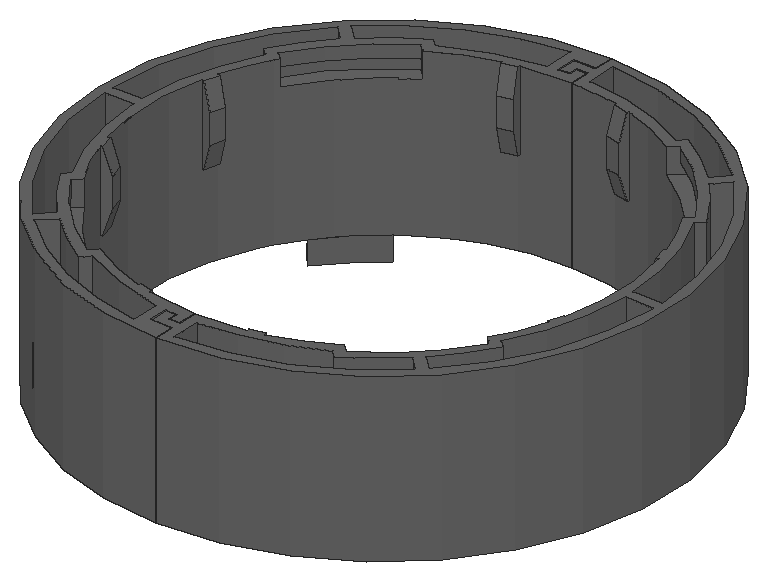
Revit family "STL23493", category Modelos genéricos, Revit 2023
Family settings
  Pode hospedar o vergalhão = Não
  Cota do conector redondo = Utilizar diâmetro
  Tipo de parte = Normal
  Com base no plano de trabalho = Não
  Sempre na vertical = Sim
  Corte com vazios quando carregada = Não
  Manter orientação da anotação = Não
  Compartilhado = Não
  Ponto de cálculo do ambiente = Não
Parameters (values of type "STL23493")
  URL = "https://stella.com.br/"
  Referência = "STL23493"
  Modelo = "Anel de Elevação para Embutido S.Ground 11,5W\r\n\r\nAnel de elevação para Embutido S.Ground 3W e 4W\r\n\r\nAnel de Elevação para Embutido S.Ground 3W e 4W"
  Fabricante = "Stella"
  Estrutura = Al - Preto
  Elevação padrão = 0.00 m
  Diâmetro = 0.086 m
  Comentários de tipos = "Compatível com Embutido Ground 11,5W."
  Altura = 0.025 m
Reference planes (m)
  plane 1 "Centro (Frente/Trás)": y = 0
  plane 2: z = 0
  plane 3 "Centro (Esquerda/Direita)": x = 0
  plane 4: y = 0.043
  plane 5: y = -0.043
  plane 6: x = 0.043
  plane 7: x = -0.043
  plane 8: z = 0.025
Forms (m)
  Extrusion 1, solid, material "Al - Preto" <- "Estrutura"
    sketch origin (0, 0, 0) x (1, 0, 0) y (0, 1, 0)
      loop
        arc (0, 0.043) -> (-0.043, 0) -> (0, -0.043) r 0.043
        line (0, -0.043) -> (0, -0.04)
        arc (0, -0.04) -> (-0.001601, -0.039968) -> (-0.0032, -0.039872) r 0.04
        line (-0.0032, -0.039872) -> (-0.0032, -0.036962)
        arc (-0.0032, -0.036962) -> (-0.002351, -0.037025) -> (-0.0015, -0.03707) r 0.0371
        line (-0.0015, -0.03707) -> (-0.0015, -0.038371)
        arc (-0.0015, -0.038371) -> (-0.00075, -0.038393) -> (0, -0.0384) r 0.0384
        line (0, -0.0384) -> (0, -0.0356)
        arc (0, -0.0356) -> (-0.0356, 0) -> (0, 0.0356) r 0.0356
        line (0, 0.0356) -> (0, 0.0384)
        arc (0, 0.0384) -> (-0.00075, 0.038393) -> (-0.0015, 0.038371) r 0.0384
        line (-0.0015, 0.038371) -> (-0.0015, 0.03707)
        arc (-0.0015, 0.03707) -> (-0.002351, 0.037025) -> (-0.0032, 0.036962) r 0.0371
        line (-0.0032, 0.036962) -> (-0.0032, 0.039872)
        arc (-0.0032, 0.039872) -> (-0.001601, 0.039968) -> (0, 0.04) r 0.04
        line (0, 0.04) -> (0, 0.043)
    from 0 to 0.025
  Extrusion 2, solid, material "Al - Preto" <- "Estrutura"
    sketch origin (0, 0, 0) x (1, 0, 0) y (0, 1, 0)
      loop
        arc (0, 0.0399) -> (-0.001501, 0.039872) -> (-0.003, 0.039787) r 0.0399
        line (-0.003, 0.039787) -> (-0.003, 0.037079)
        arc (-0.003, 0.037079) -> (-0.0023, 0.037129) -> (-0.0016, 0.037166) r 0.0372
        line (-0.0016, 0.037166) -> (-0.0016, 0.038467)
        arc (-0.0016, 0.038467) -> (-0.0008, 0.038492) -> (0, 0.0385) r 0.0385
        line (0, 0.0385) -> (0, 0.0356)
        arc (0, 0.0356) -> (0.0356, 0) -> (0, -0.0356) r 0.0356
        line (0, -0.0356) -> (0, -0.0385)
        arc (0, -0.0385) -> (-0.0008, -0.038492) -> (-0.0016, -0.038467) r 0.0385
        line (-0.0016, -0.038467) -> (-0.0016, -0.037166)
        arc (-0.0016, -0.037166) -> (-0.0023, -0.037129) -> (-0.003, -0.037079) r 0.0372
        line (-0.003, -0.037079) -> (-0.003, -0.039787)
        arc (-0.003, -0.039787) -> (-0.001501, -0.039872) -> (0, -0.0399) r 0.0399
        line (0, -0.0399) -> (0, -0.043)
        arc (0, -0.043) -> (0.043, 0) -> (0, 0.043) r 0.043
        line (0, 0.043) -> (0, 0.0399)
    from 0 to 0.025
  Extrusion 3, void
    sketch origin (0, 0, 0) x (1, 0, 0) y (0, 1, 0)
      loop
        arc (-0.0047, 0.041233) -> (-0.017692, 0.03754) -> (-0.02881, 0.02987) r 0.0415
        line (-0.02881, 0.02987) -> (-0.026688, 0.027749)
        arc (-0.026688, 0.027749) -> (-0.023124, 0.030782) -> (-0.019218, 0.03336) r 0.0385
        line (-0.019218, 0.03336) -> (-0.018192, 0.032334)
        arc (-0.018192, 0.032334) -> (-0.011662, 0.03522) -> (-0.0047, 0.036801) r 0.0371
        line (-0.0047, 0.036801) -> (-0.0047, 0.041233)
      loop
        line (-0.041493, 0.00075) -> (-0.037092, 0.00075)
        arc (-0.037092, 0.00075) -> (-0.035792, 0.009765) -> (-0.032334, 0.018192) r 0.0371
        line (-0.032334, 0.018192) -> (-0.03336, 0.019218)
        arc (-0.03336, 0.019218) -> (-0.030782, 0.023124) -> (-0.027749, 0.026688) r 0.0385
        line (-0.027749, 0.026688) -> (-0.02987, 0.02881)
        arc (-0.02987, 0.02881) -> (-0.038341, 0.015881) -> (-0.041493, 0.00075) r 0.0415
      loop
        line (0.0015, 0.041473) -> (0.0015, 0.03707)
        arc (0.0015, 0.03707) -> (0.010127, 0.035691) -> (0.018192, 0.032334) r 0.0371
        line (0.018192, 0.032334) -> (0.019218, 0.03336)
        arc (0.019218, 0.03336) -> (0.023124, 0.030782) -> (0.026688, 0.027749) r 0.0385
        line (0.026688, 0.027749) -> (0.02881, 0.02987)
        arc (0.02881, 0.02987) -> (0.016227, 0.038196) -> (0.0015, 0.041473) r 0.0415
      loop
        line (0.03336, 0.019218) -> (0.032334, 0.018192)
        arc (0.032334, 0.018192) -> (0.035792, 0.009765) -> (0.037092, 0.00075) r 0.0371
        line (0.037092, 0.00075) -> (0.041493, 0.00075)
        arc (0.041493, 0.00075) -> (0.038341, 0.015881) -> (0.02987, 0.02881) r 0.0415
        line (0.02987, 0.02881) -> (0.027749, 0.026688)
        arc (0.027749, 0.026688) -> (0.030782, 0.023124) -> (0.03336, 0.019218) r 0.0385
      loop
        line (0.032334, -0.018192) -> (0.03336, -0.019218)
        arc (0.03336, -0.019218) -> (0.030782, -0.023124) -> (0.027749, -0.026688) r 0.0385
        line (0.027749, -0.026688) -> (0.02987, -0.02881)
        arc (0.02987, -0.02881) -> (0.038341, -0.015881) -> (0.041493, -0.00075) r 0.0415
        line (0.041493, -0.00075) -> (0.037092, -0.00075)
        arc (0.037092, -0.00075) -> (0.035792, -0.009765) -> (0.032334, -0.018192) r 0.0371
      loop
        arc (0.0015, -0.041473) -> (0.016227, -0.038196) -> (0.02881, -0.02987) r 0.0415
        line (0.02881, -0.02987) -> (0.026688, -0.027749)
        arc (0.026688, -0.027749) -> (0.023124, -0.030782) -> (0.019218, -0.03336) r 0.0385
        line (0.019218, -0.03336) -> (0.018192, -0.032334)
        arc (0.018192, -0.032334) -> (0.010127, -0.035691) -> (0.0015, -0.03707) r 0.0371
        line (0.0015, -0.03707) -> (0.0015, -0.041473)
      loop
        arc (-0.0047, -0.036801) -> (-0.011662, -0.03522) -> (-0.018192, -0.032334) r 0.0371
        line (-0.018192, -0.032334) -> (-0.019218, -0.03336)
        arc (-0.019218, -0.03336) -> (-0.023124, -0.030782) -> (-0.026688, -0.027749) r 0.0385
        line (-0.026688, -0.027749) -> (-0.02881, -0.02987)
        arc (-0.02881, -0.02987) -> (-0.017692, -0.03754) -> (-0.0047, -0.041233) r 0.0415
        line (-0.0047, -0.041233) -> (-0.0047, -0.036801)
      loop
        line (-0.02987, -0.02881) -> (-0.027749, -0.026688)
        arc (-0.027749, -0.026688) -> (-0.030782, -0.023124) -> (-0.03336, -0.019218) r 0.0385
        line (-0.03336, -0.019218) -> (-0.032334, -0.018192)
        arc (-0.032334, -0.018192) -> (-0.035792, -0.009765) -> (-0.037092, -0.00075) r 0.0371
        line (-0.037092, -0.00075) -> (-0.041493, -0.00075)
        arc (-0.041493, -0.00075) -> (-0.038341, -0.015881) -> (-0.02987, -0.02881) r 0.0415
    from 0.0015 to 0.025
  Extrusion 4, void
    sketch origin (0, 0, 0) x (1, 0, 0) y (0, 1, 0)
      loop
        line (-0.009031, 0.037426) -> (-0.009383, 0.038884)
        arc (-0.009383, 0.038884) -> (-0.013113, 0.037789) -> (-0.01672, 0.036338) r 0.04
        line (-0.01672, 0.036338) -> (-0.016093, 0.034975)
        arc (-0.016093, 0.034975) -> (-0.012622, 0.036372) -> (-0.009031, 0.037426) r 0.0385
      loop
        line (0.016093, 0.034975) -> (0.01672, 0.036338)
        arc (0.01672, 0.036338) -> (0.013113, 0.037789) -> (0.009383, 0.038884) r 0.04
        line (0.009383, 0.038884) -> (0.009031, 0.037426)
        arc (0.009031, 0.037426) -> (0.012622, 0.036372) -> (0.016093, 0.034975) r 0.0385
      loop
        line (0.03788, 0.006879) -> (0.039356, 0.007147)
        arc (0.039356, 0.007147) -> (0.038477, 0.010933) -> (0.037234, 0.014617) r 0.04
        line (0.037234, 0.014617) -> (0.035838, 0.014069)
        arc (0.035838, 0.014069) -> (0.037034, 0.010523) -> (0.03788, 0.006879) r 0.0385
      loop
        line (0.035838, -0.014069) -> (0.037234, -0.014617)
        arc (0.037234, -0.014617) -> (0.038477, -0.010933) -> (0.039356, -0.007147) r 0.04
        line (0.039356, -0.007147) -> (0.03788, -0.006879)
        arc (0.03788, -0.006879) -> (0.037034, -0.010523) -> (0.035838, -0.014069) r 0.0385
      loop
        arc (0.009383, -0.038884) -> (0.013113, -0.037789) -> (0.01672, -0.036338) r 0.04
        line (0.01672, -0.036338) -> (0.016093, -0.034975)
        arc (0.016093, -0.034975) -> (0.012622, -0.036372) -> (0.009031, -0.037426) r 0.0385
        line (0.009031, -0.037426) -> (0.009383, -0.038884)
      loop
        arc (-0.009031, -0.037426) -> (-0.012622, -0.036372) -> (-0.016093, -0.034975) r 0.0385
        line (-0.016093, -0.034975) -> (-0.01672, -0.036338)
        arc (-0.01672, -0.036338) -> (-0.013113, -0.037789) -> (-0.009383, -0.038884) r 0.04
        line (-0.009383, -0.038884) -> (-0.009031, -0.037426)
      loop
        arc (-0.039356, -0.007147) -> (-0.038477, -0.010933) -> (-0.037234, -0.014617) r 0.04
        line (-0.037234, -0.014617) -> (-0.035838, -0.014069)
        arc (-0.035838, -0.014069) -> (-0.037034, -0.010523) -> (-0.03788, -0.006879) r 0.0385
        line (-0.03788, -0.006879) -> (-0.039356, -0.007147)
      loop
        arc (-0.03788, 0.006879) -> (-0.037034, 0.010523) -> (-0.035838, 0.014069) r 0.0385
        line (-0.035838, 0.014069) -> (-0.037234, 0.014617)
        arc (-0.037234, 0.014617) -> (-0.038477, 0.010933) -> (-0.039356, 0.007147) r 0.04
        line (-0.039356, 0.007147) -> (-0.03788, 0.006879)
    from 0 to 0.0015
  Extrusion 5, void
    sketch origin (0, 0, 0) x (1, 0, 0) y (0, 1, 0)
      loop
        arc (-0.030455, 0.018435) -> (-0.025173, 0.025173) -> (-0.018435, 0.030455) r 0.0356
        line (-0.018435, 0.030455) -> (-0.020106, 0.032127)
        arc (-0.020106, 0.032127) -> (-0.026799, 0.026799) -> (-0.032127, 0.020106) r 0.0379
        line (-0.032127, 0.020106) -> (-0.030455, 0.018435)
      loop
        line (0.030455, 0.018435) -> (0.032127, 0.020106)
        arc (0.032127, 0.020106) -> (0.026799, 0.026799) -> (0.020106, 0.032127) r 0.0379
        line (0.020106, 0.032127) -> (0.018435, 0.030455)
        arc (0.018435, 0.030455) -> (0.025173, 0.025173) -> (0.030455, 0.018435) r 0.0356
      loop
        arc (0.030455, -0.018435) -> (0.025173, -0.025173) -> (0.018435, -0.030455) r 0.0356
        line (0.018435, -0.030455) -> (0.020106, -0.032127)
        arc (0.020106, -0.032127) -> (0.026799, -0.026799) -> (0.032127, -0.020106) r 0.0379
        line (0.032127, -0.020106) -> (0.030455, -0.018435)
      loop
        line (-0.030455, -0.018435) -> (-0.032127, -0.020106)
        arc (-0.032127, -0.020106) -> (-0.026799, -0.026799) -> (-0.020106, -0.032127) r 0.0379
        line (-0.020106, -0.032127) -> (-0.018435, -0.030455)
        arc (-0.018435, -0.030455) -> (-0.025173, -0.025173) -> (-0.030455, -0.018435) r 0.0356
    from 0.0212 to 0.0231
  Extrusion 6, void
    sketch origin (0, 0, 0) x (1, 0, 0) y (0, 1, 0)
      loop
        line (-0.031546, 0.019525) -> (-0.030455, 0.018435)
        arc (-0.030455, 0.018435) -> (-0.025173, 0.025173) -> (-0.018435, 0.030455) r 0.0356
        line (-0.018435, 0.030455) -> (-0.019525, 0.031546)
        arc (-0.019525, 0.031546) -> (-0.026234, 0.026234) -> (-0.031546, 0.019525) r 0.0371
      loop
        arc (0.031546, 0.019525) -> (0.026234, 0.026234) -> (0.019525, 0.031546) r 0.0371
        line (0.019525, 0.031546) -> (0.018435, 0.030455)
        arc (0.018435, 0.030455) -> (0.025173, 0.025173) -> (0.030455, 0.018435) r 0.0356
        line (0.030455, 0.018435) -> (0.031546, 0.019525)
      loop
        line (0.031546, -0.019525) -> (0.030455, -0.018435)
        arc (0.030455, -0.018435) -> (0.025173, -0.025173) -> (0.018435, -0.030455) r 0.0356
        line (0.018435, -0.030455) -> (0.019525, -0.031546)
        arc (0.019525, -0.031546) -> (0.026234, -0.026234) -> (0.031546, -0.019525) r 0.0371
      loop
        arc (-0.031546, -0.019525) -> (-0.026234, -0.026234) -> (-0.019525, -0.031546) r 0.0371
        line (-0.019525, -0.031546) -> (-0.018435, -0.030455)
        arc (-0.018435, -0.030455) -> (-0.025173, -0.025173) -> (-0.030455, -0.018435) r 0.0356
        line (-0.030455, -0.018435) -> (-0.031546, -0.019525)
    from 0.0231 to 0.025
  Extrusion 7, solid, material "Al - Preto" <- "Estrutura"
    sketch origin (0, 0, 0) x (1, 0, 0) y (0, 1, 0)
      loop
        arc (-0.028459, 0.021388) -> (-0.025173, 0.025173) -> (-0.021388, 0.028459) r 0.0356
        line (-0.021388, 0.028459) -> (-0.022744, 0.029815)
        arc (-0.022744, 0.029815) -> (-0.026517, 0.026517) -> (-0.029815, 0.022744) r 0.0375
        line (-0.029815, 0.022744) -> (-0.028459, 0.021388)
    from -0.0036 to 0
  Revolve 8, void
    sketch origin (0, 0, 0) x (1, 0, 0) y (0, 0, 1)
      loop
        line (-0.0375, -0.0021) -> (-0.038777, -0.0021) -> (-0.038777, -0.004979) -> (-0.035822, -0.004979) -> (-0.035822, -0.0036) -> (-0.0375, -0.0021)
      axis (0, -0.0021) -> (0, -0.004979)
    angle from 36 to 54
  Revolve 9, void
    sketch origin (0, 0, 0) x (1, 0, 0) y (0, 0, 1)
      loop
        line (-0.0365, 0) -> (-0.0375, 0) -> (-0.0375, -0.001693) -> (-0.0365, -0.001693) -> (-0.0365, 0)
      axis (0, 0) -> (0, -0.001693)
    angle from 36 to 54
  Extrusion 10, solid, material "Al - Preto" <- "Estrutura"
    sketch origin (0, 0, 0) x (-1, 0, 0) y (0, -1, 0)
      loop
        line (-0.028459, -0.021388) -> (-0.029815, -0.022744)
        arc (-0.029815, -0.022744) -> (-0.026517, -0.026517) -> (-0.022744, -0.029815) r 0.0375
        line (-0.022744, -0.029815) -> (-0.021388, -0.028459)
        arc (-0.021388, -0.028459) -> (-0.025173, -0.025173) -> (-0.028459, -0.021388) r 0.0356
    from -0.0036 to 0
  Revolve 11, void
    sketch origin (0, 0, 0) x (-1, 0, 0) y (0, 0, -1)
      loop
        line (-0.0375, 0.0021) -> (-0.035822, 0.0036) -> (-0.035822, 0.004979) -> (-0.038777, 0.004979) -> (-0.038777, 0.0021) -> (-0.0375, 0.0021)
      axis (0, 0.0021) -> (0, 0.004979)
    angle from 36 to 54
  Revolve 12, void
    sketch origin (0, 0, 0) x (-1, 0, 0) y (0, 0, -1)
      loop
        line (-0.0365, 0) -> (-0.0365, 0.001693) -> (-0.0375, 0.001693) -> (-0.0375, 0) -> (-0.0365, 0)
      axis (0, 0) -> (0, 0.001693)
    angle from 36 to 54
  Extrusion 13, solid, material "Al - Preto" <- "Estrutura"
    sketch origin (0, 0, 0) x (-1, 0, 0) y (0, -1, 0)
      loop
        arc (-0.028459, 0.021388) -> (-0.025173, 0.025173) -> (-0.021388, 0.028459) r 0.0356
        line (-0.021388, 0.028459) -> (-0.022744, 0.029815)
        arc (-0.022744, 0.029815) -> (-0.026517, 0.026517) -> (-0.029815, 0.022744) r 0.0375
        line (-0.029815, 0.022744) -> (-0.028459, 0.021388)
    from -0.0036 to 0
  Revolve 14, void
    sketch origin (0, 0, 0) x (-1, 0, 0) y (0, 0, 1)
      loop
        line (-0.0375, -0.0021) -> (-0.038777, -0.0021) -> (-0.038777, -0.004979) -> (-0.035822, -0.004979) -> (-0.035822, -0.0036) -> (-0.0375, -0.0021)
      axis (0, -0.0021) -> (0, -0.004979)
    angle from 36 to 54
  Revolve 15, void
    sketch origin (0, 0, 0) x (-1, 0, 0) y (0, 0, 1)
      loop
        line (-0.0365, 0) -> (-0.0375, 0) -> (-0.0375, -0.001693) -> (-0.0365, -0.001693) -> (-0.0365, 0)
      axis (0, 0) -> (0, -0.001693)
    angle from 36 to 54
  Extrusion 16, solid, material "Al - Preto" <- "Estrutura"
    sketch origin (0, 0, 0) x (1, 0, 0) y (0, 1, 0)
      loop
        line (-0.028459, -0.021388) -> (-0.029815, -0.022744)
        arc (-0.029815, -0.022744) -> (-0.026517, -0.026517) -> (-0.022744, -0.029815) r 0.0375
        line (-0.022744, -0.029815) -> (-0.021388, -0.028459)
        arc (-0.021388, -0.028459) -> (-0.025173, -0.025173) -> (-0.028459, -0.021388) r 0.0356
    from -0.0036 to 0
  Revolve 17, void
    sketch origin (0, 0, 0) x (1, 0, 0) y (0, 0, -1)
      loop
        line (-0.0375, 0.0021) -> (-0.035822, 0.0036) -> (-0.035822, 0.004979) -> (-0.038777, 0.004979) -> (-0.038777, 0.0021) -> (-0.0375, 0.0021)
      axis (0, 0.0021) -> (0, 0.004979)
    angle from 36 to 54
  Revolve 18, void
    sketch origin (0, 0, 0) x (1, 0, 0) y (0, 0, -1)
      loop
        line (-0.0365, 0) -> (-0.0365, 0.001693) -> (-0.0375, 0.001693) -> (-0.0375, 0) -> (-0.0365, 0)
      axis (0, 0) -> (0, 0.001693)
    angle from 36 to 54
  Revolve 19, solid, material "Al - Preto" <- "Estrutura"
    sketch origin (0, 0, 0) x (1, 0, 0) y (0, 0, 1)
      loop
        line (-0.0341, 0.0168) -> (-0.0341, 0.0212) -> (-0.035265, 0.025) -> (-0.036065, 0.025) -> (-0.036065, 0.013) -> (-0.035265, 0.013) -> (-0.0341, 0.0168)
      axis (0, 0.025) -> (0, 0.013)
    angle from 74.38 to 78.102
  Revolve 20, solid, material "Al - Preto" <- "Estrutura"
    sketch origin (0, 0, 0) x (-1, 0, 0) y (0, 0, -1)
      loop
        line (-0.0341, -0.0168) -> (-0.035265, -0.013) -> (-0.036065, -0.013) -> (-0.036065, -0.025) -> (-0.035265, -0.025) -> (-0.0341, -0.0212) -> (-0.0341, -0.0168)
      axis (0, -0.025) -> (0, -0.013)
    angle from 74.38 to 78.102
  Revolve 21, solid, material "Al - Preto" <- "Estrutura"
    sketch origin (0, 0, 0) x (1, 0, 0) y (0, 0, -1)
      loop
        line (-0.0341, -0.0168) -> (-0.035265, -0.013) -> (-0.036065, -0.013) -> (-0.036065, -0.025) -> (-0.035265, -0.025) -> (-0.0341, -0.0212) -> (-0.0341, -0.0168)
      axis (0, -0.025) -> (0, -0.013)
    angle from 74.38 to 78.102
  Revolve 22, solid, material "Al - Preto" <- "Estrutura"
    sketch origin (0, 0, 0) x (-1, 0, 0) y (0, 0, 1)
      loop
        line (-0.0341, 0.0168) -> (-0.0341, 0.0212) -> (-0.035265, 0.025) -> (-0.036065, 0.025) -> (-0.036065, 0.013) -> (-0.035265, 0.013) -> (-0.0341, 0.0168)
      axis (0, 0.025) -> (0, 0.013)
    angle from 74.38 to 78.102
  Revolve 23, solid, material "Al - Preto" <- "Estrutura"
    sketch origin (0, 0, 0) x (0.5, 0.866025, 0) y (0, 0, 1)
      loop
        line (-0.0341, 0.0168) -> (-0.0341, 0.0212) -> (-0.035265, 0.025) -> (-0.036065, 0.025) -> (-0.036065, 0.013) -> (-0.035265, 0.013) -> (-0.0341, 0.0168)
      axis (0, 0.025) -> (0, 0.013)
    angle from 74.38 to 78.102
  Revolve 24, solid, material "Al - Preto" <- "Estrutura"
    sketch origin (0, 0, 0) x (0.5, -0.866025, 0) y (0, 0, -1)
      loop
        line (-0.0341, -0.0168) -> (-0.035265, -0.013) -> (-0.036065, -0.013) -> (-0.036065, -0.025) -> (-0.035265, -0.025) -> (-0.0341, -0.0212) -> (-0.0341, -0.0168)
      axis (0, -0.025) -> (0, -0.013)
    angle from 74.38 to 78.102
  Revolve 25, solid, material "Al - Preto" <- "Estrutura"
    sketch origin (0, 0, 0) x (-0.5, 0.866025, 0) y (0, 0, -1)
      loop
        line (-0.0341, -0.0168) -> (-0.035265, -0.013) -> (-0.036065, -0.013) -> (-0.036065, -0.025) -> (-0.035265, -0.025) -> (-0.0341, -0.0212) -> (-0.0341, -0.0168)
      axis (0, -0.025) -> (0, -0.013)
    angle from 74.38 to 78.102
  Revolve 26, solid, material "Al - Preto" <- "Estrutura"
    sketch origin (0, 0, 0) x (-0.5, -0.866025, 0) y (0, 0, 1)
      loop
        line (-0.0341, 0.0168) -> (-0.0341, 0.0212) -> (-0.035265, 0.025) -> (-0.036065, 0.025) -> (-0.036065, 0.013) -> (-0.035265, 0.013) -> (-0.0341, 0.0168)
      axis (0, 0.025) -> (0, 0.013)
    angle from 74.38 to 78.102
Cuts and joins
  Extrusion 3, Extrusion 4, Extrusion 5, Extrusion 6, Revolve 9 cuts Extrusion 1
  Revolve 8, Revolve 9, Revolve 11, Revolve 12 cuts Extrusion 7
  Revolve 17, Revolve 18 cuts Extrusion 16
  joined: Extrusion 1, Extrusion 7, Extrusion 16, Revolve 19, Revolve 21, Revolve 23, Revolve 24
  Extrusion 3, Extrusion 4, Extrusion 5, Extrusion 6, Revolve 9 cuts Extrusion 2
  Revolve 11, Revolve 12, Revolve 14, Revolve 15 cuts Extrusion 10
  Revolve 14, Revolve 15, Revolve 17, Revolve 18 cuts Extrusion 13
  joined: Extrusion 2, Extrusion 10, Extrusion 13, Revolve 20, Revolve 22, Revolve 25, Revolve 26
Dimensions and locks (m)
  "Diâmetro": plane 4 to plane 5
  "Altura": plane 8 to plane 2
  aligned and locked: level to plane 2
Automatic sketch dimensions
  Extrusion 1 sketch curve to Extrusion 1 sketch curve = 0.00 m  (x56)
  Extrusion 1 sketch curve to plane 3 "Centro (Esquerda/Direita)" = 0.00 m
  Extrusion 1 sketch curve to plane 5 = 0.00 m
  plane 1 "Centro (Frente/Trás)" to Extrusion 1 sketch curve = 0.00 m
  Extrusion 1 sketch curve to plane 3 "Centro (Esquerda/Direita)" = 0.0015 m  (x2)
  Extrusion 1 sketch curve to Extrusion 1 sketch curve = 0.0017 m  (x2)
  Extrusion 1 sketch curve to Extrusion 1 sketch curve = 0.003 m
  Extrusion 1 sketch curve to Extrusion 1 sketch curve = 0.0016 m
  Extrusion 1 sketch curve to Extrusion 1 sketch curve = 0.001301 m  (x2)
  Extrusion 1 sketch curve to Extrusion 1 sketch curve = 0.0074 m
  Extrusion 1 sketch curve to Extrusion 1 sketch curve = 0.001362 m
  Extrusion 1 sketch curve to Extrusion 1 sketch curve = 0.001501 m
  Extrusion 2 sketch curve to Extrusion 2 sketch curve = 0.00 m  (x56)
  Extrusion 2 sketch curve to plane 3 "Centro (Esquerda/Direita)" = 0.00 m
  Extrusion 2 sketch curve to plane 5 = 0.00 m
  plane 1 "Centro (Frente/Trás)" to Extrusion 2 sketch curve = 0.00 m
  Extrusion 2 sketch curve to plane 3 "Centro (Esquerda/Direita)" = 0.0016 m  (x2)
  Extrusion 2 sketch curve to Extrusion 2 sketch curve = 0.0014 m  (x3)
  Extrusion 2 sketch curve to Extrusion 2 sketch curve = 0.0031 m
  Extrusion 2 sketch curve to Extrusion 2 sketch curve = 0.001301 m  (x2)
  Extrusion 2 sketch curve to plane 4 = 0.0074 m
  Extrusion 2 sketch curve to Extrusion 2 sketch curve = 0.001479 m
  Extrusion 2 sketch curve to Extrusion 2 sketch curve = 0.00132 m
  Extrusion 3 sketch curve to Extrusion 3 sketch curve = 0.00 m  (x556)
  plane 1 "Centro (Frente/Trás)" to Extrusion 3 sketch curve = 0.00 m
  Extrusion 3 sketch curve to plane 3 "Centro (Esquerda/Direita)" = 0.00 m
  Extrusion 3 sketch curve to plane 3 "Centro (Esquerda/Direita)" = 0.0047 m  (x2)
  Extrusion 3 sketch curve to plane 4 = 0.001767 m
  Extrusion 3 sketch curve to Extrusion 3 sketch curve = 0.013492 m  (x2)
  Extrusion 3 sketch curve to Extrusion 3 sketch curve = 0.001027 m  (x14)
  Extrusion 3 sketch curve to Extrusion 3 sketch curve = 0.00747 m  (x4)
  Extrusion 3 sketch curve to Extrusion 3 sketch curve = 0.001061 m  (x15)
  Extrusion 3 sketch curve to Extrusion 3 sketch curve = 0.002122 m  (x3)
  Extrusion 3 sketch curve to plane 4 = 0.01313 m
  Extrusion 3 sketch curve to Extrusion 3 sketch curve = 0.004585 m  (x4)
  Extrusion 3 sketch curve to plane 1 "Centro (Frente/Trás)" = 0.00075 m  (x2)
  plane 7 to Extrusion 3 sketch curve = 0.005908 m
  plane 1 "Centro (Frente/Trás)" to Extrusion 3 sketch curve = 0.00075 m  (x2)
  plane 7 to Extrusion 3 sketch curve = 0.001507 m
  plane 3 "Centro (Esquerda/Direita)" to Extrusion 3 sketch curve = 0.0015 m  (x2)
  Extrusion 3 sketch curve to Extrusion 3 sketch curve = 0.016692 m  (x2)
  Extrusion 3 sketch curve to plane 6 = 0.005908 m
  Extrusion 3 sketch curve to plane 6 = 0.001507 m
  plane 5 to Extrusion 3 sketch curve = 0.010666 m  (x2)
  Extrusion 4 sketch curve to Extrusion 4 sketch curve = 0.00 m  (x240)
  plane 1 "Centro (Frente/Trás)" to Extrusion 4 sketch curve = 0.00 m
  Extrusion 4 sketch curve to plane 3 "Centro (Esquerda/Direita)" = 0.00 m
  Extrusion 4 sketch curve to plane 3 "Centro (Esquerda/Direita)" = 0.009031 m  (x2)
  Extrusion 4 sketch curve to plane 4 = 0.004116 m  (x2)
  Extrusion 4 sketch curve to Extrusion 4 sketch curve = 0.000352 m  (x4)
  plane 5 to Extrusion 4 sketch curve = 0.004116 m  (x2)
  Extrusion 4 sketch curve to plane 4 = 0.008025 m  (x2)
  Extrusion 4 sketch curve to Extrusion 4 sketch curve = 0.007061 m  (x4)
  plane 5 to Extrusion 4 sketch curve = 0.008025 m  (x2)
  Extrusion 4 sketch curve to plane 4 = 0.006662 m  (x2)
  plane 5 to Extrusion 4 sketch curve = 0.006662 m  (x2)
  plane 7 to Extrusion 4 sketch curve = 0.007162 m  (x2)
  Extrusion 4 sketch curve to Extrusion 4 sketch curve = 0.001396 m  (x4)
  plane 7 to Extrusion 4 sketch curve = 0.00512 m  (x2)
  Extrusion 4 sketch curve to Extrusion 4 sketch curve = 0.001476 m  (x4)
  plane 3 "Centro (Esquerda/Direita)" to Extrusion 4 sketch curve = 0.009031 m  (x2)
  Extrusion 4 sketch curve to plane 6 = 0.007162 m  (x2)
  Extrusion 4 sketch curve to plane 6 = 0.00512 m  (x2)
  plane 1 "Centro (Frente/Trás)" to Extrusion 4 sketch curve = 0.014617 m  (x2)
  Extrusion 4 sketch curve to Extrusion 4 sketch curve = 0.000548 m  (x2)
  Extrusion 4 sketch curve to plane 1 "Centro (Frente/Trás)" = 0.006879 m  (x2)
  Extrusion 4 sketch curve to Extrusion 4 sketch curve = 0.000268 m  (x2)
  Extrusion 5 sketch curve to Extrusion 5 sketch curve = 0.00 m  (x56)
  plane 1 "Centro (Frente/Trás)" to Extrusion 5 sketch curve = 0.00 m
  Extrusion 5 sketch curve to plane 3 "Centro (Esquerda/Direita)" = 0.00 m
  Extrusion 5 sketch curve to plane 3 "Centro (Esquerda/Direita)" = 0.018435 m  (x2)
  Extrusion 5 sketch curve to Extrusion 5 sketch curve = 0.001672 m  (x12)
  plane 7 to Extrusion 5 sketch curve = 0.012545 m  (x2)
  plane 3 "Centro (Esquerda/Direita)" to Extrusion 5 sketch curve = 0.018435 m  (x2)
  Extrusion 5 sketch curve to plane 6 = 0.012545 m  (x2)
  plane 1 "Centro (Frente/Trás)" to Extrusion 5 sketch curve = 0.018435 m  (x2)
  Extrusion 5 sketch curve to plane 1 "Centro (Frente/Trás)" = 0.018435 m  (x2)
  Extrusion 6 sketch curve to Extrusion 6 sketch curve = 0.00 m  (x56)
  plane 1 "Centro (Frente/Trás)" to Extrusion 6 sketch curve = 0.00 m
  Extrusion 6 sketch curve to plane 3 "Centro (Esquerda/Direita)" = 0.00 m
  Extrusion 6 sketch curve to plane 3 "Centro (Esquerda/Direita)" = 0.018435 m  (x2)
  Extrusion 6 sketch curve to Extrusion 6 sketch curve = 0.001091 m  (x12)
  plane 7 to Extrusion 6 sketch curve = 0.012545 m  (x2)
  plane 3 "Centro (Esquerda/Direita)" to Extrusion 6 sketch curve = 0.018435 m  (x2)
  Extrusion 6 sketch curve to plane 6 = 0.012545 m  (x2)
  plane 1 "Centro (Frente/Trás)" to Extrusion 6 sketch curve = 0.018435 m  (x2)
  Extrusion 6 sketch curve to plane 1 "Centro (Frente/Trás)" = 0.018435 m  (x2)
  Extrusion 7 sketch curve to Extrusion 7 sketch curve = 0.00 m  (x2)
  plane 1 "Centro (Frente/Trás)" to Extrusion 7 sketch curve = 0.00 m
  Extrusion 7 sketch curve to plane 3 "Centro (Esquerda/Direita)" = 0.00 m
  Extrusion 7 sketch curve to plane 3 "Centro (Esquerda/Direita)" = 0.021388 m
  Extrusion 7 sketch curve to Extrusion 7 sketch curve = 0.001356 m  (x3)
  Extrusion 7 sketch curve to Extrusion 7 sketch curve = 0.007071 m
  Extrusion 7 sketch curve to plane 1 "Centro (Frente/Trás)" = 0.021388 m
  Revolve 8 sketch curve to plane 3 "Centro (Esquerda/Direita)" = 0.00 m
  plane 7 to Revolve 8 sketch curve = 0.007178 m
  Revolve 8 sketch curve to Revolve 8 sketch curve = 0.001678 m
  Revolve 8 sketch curve to Revolve 8 sketch curve = 0.002955 m
  Revolve 8 sketch curve to level = 0.004979 m
  Revolve 8 sketch curve to Revolve 8 sketch curve = 0.001379 m
  Revolve 8 sketch curve to level = 0.0021 m
  Revolve 8 sketch curve to level = 0.005499 m
  level to Revolve 8 sketch curve = 0.001144 m
  Revolve 9 sketch curve to level = 0.00 m
  Revolve 9 sketch curve to plane 3 "Centro (Esquerda/Direita)" = 0.00 m
  plane 7 to Revolve 9 sketch curve = 0.0065 m
  Revolve 9 sketch curve to Revolve 9 sketch curve = 0.001 m
  Revolve 9 sketch curve to level = 0.001693 m
  Revolve 9 sketch curve to level = 0.006685 m
  level to Revolve 9 sketch curve = 0.002596 m
  Extrusion 10 sketch curve to Extrusion 10 sketch curve = 0.00 m  (x2)
  plane 1 "Centro (Frente/Trás)" to Extrusion 10 sketch curve = 0.00 m
  Extrusion 10 sketch curve to plane 3 "Centro (Esquerda/Direita)" = 0.00 m
  plane 3 "Centro (Esquerda/Direita)" to Extrusion 10 sketch curve = 0.021388 m
  Extrusion 10 sketch curve to Extrusion 10 sketch curve = 0.001356 m  (x3)
  Extrusion 10 sketch curve to Extrusion 10 sketch curve = 0.007071 m
  Extrusion 10 sketch curve to plane 1 "Centro (Frente/Trás)" = 0.021388 m
  Revolve 11 sketch curve to plane 3 "Centro (Esquerda/Direita)" = 0.00 m
  Revolve 11 sketch curve to plane 6 = 0.007178 m
  Revolve 11 sketch curve to Revolve 11 sketch curve = 0.001678 m
  Revolve 11 sketch curve to Revolve 11 sketch curve = 0.002955 m
  Revolve 11 sketch curve to level = 0.0021 m
  Revolve 11 sketch curve to Revolve 11 sketch curve = 0.0015 m
  Revolve 11 sketch curve to Revolve 11 sketch curve = 0.001379 m
  level to Revolve 11 sketch curve = 0.001144 m
  Revolve 11 sketch curve to level = 0.005499 m
  Revolve 12 sketch curve to level = 0.00 m
  Revolve 12 sketch curve to plane 3 "Centro (Esquerda/Direita)" = 0.00 m
  Revolve 12 sketch curve to plane 6 = 0.0065 m
  Revolve 12 sketch curve to Revolve 12 sketch curve = 0.001 m
  Revolve 12 sketch curve to level = 0.001693 m
  level to Revolve 12 sketch curve = 0.002596 m
  Revolve 12 sketch curve to level = 0.006685 m
  Extrusion 13 sketch curve to Extrusion 13 sketch curve = 0.00 m  (x2)
  plane 1 "Centro (Frente/Trás)" to Extrusion 13 sketch curve = 0.00 m
  Extrusion 13 sketch curve to plane 3 "Centro (Esquerda/Direita)" = 0.00 m
  plane 3 "Centro (Esquerda/Direita)" to Extrusion 13 sketch curve = 0.021388 m
  Extrusion 13 sketch curve to Extrusion 13 sketch curve = 0.001356 m  (x3)
  Extrusion 13 sketch curve to Extrusion 13 sketch curve = 0.007071 m
  plane 1 "Centro (Frente/Trás)" to Extrusion 13 sketch curve = 0.021388 m
  Revolve 14 sketch curve to plane 3 "Centro (Esquerda/Direita)" = 0.00 m
  Revolve 14 sketch curve to plane 6 = 0.007178 m
  Revolve 14 sketch curve to Revolve 14 sketch curve = 0.001678 m
  Revolve 14 sketch curve to Revolve 14 sketch curve = 0.002955 m
  Revolve 14 sketch curve to level = 0.004979 m
  Revolve 14 sketch curve to Revolve 14 sketch curve = 0.001379 m
  Revolve 14 sketch curve to level = 0.0021 m
  Revolve 14 sketch curve to level = 0.005499 m
  level to Revolve 14 sketch curve = 0.001144 m
  Revolve 15 sketch curve to level = 0.00 m
  Revolve 15 sketch curve to plane 3 "Centro (Esquerda/Direita)" = 0.00 m
  Revolve 15 sketch curve to plane 6 = 0.0065 m
  Revolve 15 sketch curve to Revolve 15 sketch curve = 0.001 m
  Revolve 15 sketch curve to level = 0.001693 m
  Revolve 15 sketch curve to level = 0.006685 m
  level to Revolve 15 sketch curve = 0.002596 m
  Extrusion 16 sketch curve to Extrusion 16 sketch curve = 0.00 m  (x2)
  plane 1 "Centro (Frente/Trás)" to Extrusion 16 sketch curve = 0.00 m
  Extrusion 16 sketch curve to plane 3 "Centro (Esquerda/Direita)" = 0.00 m
  Extrusion 16 sketch curve to plane 3 "Centro (Esquerda/Direita)" = 0.021388 m
  Extrusion 16 sketch curve to Extrusion 16 sketch curve = 0.001356 m  (x3)
  Extrusion 16 sketch curve to Extrusion 16 sketch curve = 0.007071 m
  plane 1 "Centro (Frente/Trás)" to Extrusion 16 sketch curve = 0.021388 m
  Revolve 17 sketch curve to plane 3 "Centro (Esquerda/Direita)" = 0.00 m
  plane 7 to Revolve 17 sketch curve = 0.007178 m
  Revolve 17 sketch curve to Revolve 17 sketch curve = 0.001678 m
  Revolve 17 sketch curve to Revolve 17 sketch curve = 0.002955 m
  Revolve 17 sketch curve to level = 0.0021 m
  Revolve 17 sketch curve to Revolve 17 sketch curve = 0.0015 m
  Revolve 17 sketch curve to Revolve 17 sketch curve = 0.001379 m
  level to Revolve 17 sketch curve = 0.001144 m
  Revolve 17 sketch curve to level = 0.005499 m
  Revolve 18 sketch curve to level = 0.00 m
  Revolve 18 sketch curve to plane 3 "Centro (Esquerda/Direita)" = 0.00 m
  plane 7 to Revolve 18 sketch curve = 0.0065 m
  Revolve 18 sketch curve to Revolve 18 sketch curve = 0.001 m
  Revolve 18 sketch curve to level = 0.001693 m
  level to Revolve 18 sketch curve = 0.002596 m
  Revolve 18 sketch curve to level = 0.006685 m
  Revolve 19 sketch curve to plane 8 = 0.00 m
  Revolve 19 sketch curve to plane 3 "Centro (Esquerda/Direita)" = 0.00 m
  Revolve 19 sketch curve to plane 8 = 0.0038 m
  plane 7 to Revolve 19 sketch curve = 0.0089 m
  Revolve 19 sketch curve to Revolve 19 sketch curve = 0.001165 m  (x2)
  Revolve 19 sketch curve to Revolve 19 sketch curve = 0.0008 m
  Revolve 19 sketch curve to Revolve 19 sketch curve = 0.0044 m
  Revolve 19 sketch curve to Revolve 19 sketch curve = 0.0038 m
  Revolve 19 sketch curve to plane 8 = 0.009776 m
  plane 8 to Revolve 19 sketch curve = 0.003119 m
  Revolve 20 sketch curve to plane 8 = 0.00 m
  Revolve 20 sketch curve to plane 3 "Centro (Esquerda/Direita)" = 0.00 m
  Revolve 20 sketch curve to plane 8 = 0.0038 m
  Revolve 20 sketch curve to plane 6 = 0.0089 m
  Revolve 20 sketch curve to Revolve 20 sketch curve = 0.001165 m  (x2)
  Revolve 20 sketch curve to Revolve 20 sketch curve = 0.0008 m
  Revolve 20 sketch curve to Revolve 20 sketch curve = 0.0044 m
  Revolve 20 sketch curve to Revolve 20 sketch curve = 0.0038 m
  plane 8 to Revolve 20 sketch curve = 0.003119 m
  Revolve 20 sketch curve to plane 8 = 0.009776 m
  Revolve 21 sketch curve to plane 8 = 0.00 m
  Revolve 21 sketch curve to plane 3 "Centro (Esquerda/Direita)" = 0.00 m
  Revolve 21 sketch curve to plane 8 = 0.0038 m
  plane 7 to Revolve 21 sketch curve = 0.0089 m
  Revolve 21 sketch curve to Revolve 21 sketch curve = 0.001165 m  (x2)
  Revolve 21 sketch curve to Revolve 21 sketch curve = 0.0008 m
  Revolve 21 sketch curve to Revolve 21 sketch curve = 0.0044 m
  Revolve 21 sketch curve to Revolve 21 sketch curve = 0.0038 m
  plane 8 to Revolve 21 sketch curve = 0.003119 m
  Revolve 21 sketch curve to plane 8 = 0.009776 m
  Revolve 22 sketch curve to plane 8 = 0.00 m
  Revolve 22 sketch curve to plane 3 "Centro (Esquerda/Direita)" = 0.00 m
  Revolve 22 sketch curve to plane 8 = 0.0038 m
  Revolve 22 sketch curve to plane 6 = 0.0089 m
  Revolve 22 sketch curve to Revolve 22 sketch curve = 0.001165 m  (x2)
  Revolve 22 sketch curve to Revolve 22 sketch curve = 0.0008 m
  Revolve 22 sketch curve to Revolve 22 sketch curve = 0.0044 m
  Revolve 22 sketch curve to Revolve 22 sketch curve = 0.0038 m
  Revolve 22 sketch curve to plane 8 = 0.009776 m
  plane 8 to Revolve 22 sketch curve = 0.003119 m
  Revolve 23 sketch curve to plane 8 = 0.00 m
  Revolve 23 sketch curve to Revolve 23 sketch curve = 0.0008 m  (x2)
  Revolve 23 sketch curve to plane 8 = 0.0082 m
  Revolve 23 sketch curve to Revolve 23 sketch curve = 0.001165 m
  Revolve 23 sketch curve to Revolve 23 sketch curve = 0.0038 m
  Revolve 23 sketch curve to plane 8 = 0.0038 m
  plane 8 to Revolve 23 sketch curve = 0.003119 m
  Revolve 23 sketch curve to Revolve 23 sketch curve = 0.0341 m
  Revolve 23 sketch curve to plane 8 = 0.009776 m
  plane 8 to Revolve 24 sketch curve = 0.00 m
  Revolve 24 sketch curve to Revolve 24 sketch curve = 0.0008 m  (x2)
  Revolve 24 sketch curve to plane 8 = 0.0082 m
  Revolve 24 sketch curve to Revolve 24 sketch curve = 0.001165 m
  Revolve 24 sketch curve to plane 8 = 0.0038 m
  Revolve 24 sketch curve to Revolve 24 sketch curve = 0.0038 m
  plane 8 to Revolve 24 sketch curve = 0.003119 m
  Revolve 24 sketch curve to Revolve 24 sketch curve = 0.0341 m
  Revolve 24 sketch curve to plane 8 = 0.009776 m
  Revolve 25 sketch curve to plane 8 = 0.00 m
  Revolve 25 sketch curve to Revolve 25 sketch curve = 0.0008 m  (x2)
  Revolve 25 sketch curve to plane 8 = 0.0082 m
  Revolve 25 sketch curve to Revolve 25 sketch curve = 0.001165 m
  Revolve 25 sketch curve to plane 8 = 0.0038 m
  Revolve 25 sketch curve to Revolve 25 sketch curve = 0.0038 m
  plane 8 to Revolve 25 sketch curve = 0.003119 m
  Revolve 25 sketch curve to Revolve 25 sketch curve = 0.0341 m
  Revolve 25 sketch curve to plane 8 = 0.009776 m
  plane 8 to Revolve 26 sketch curve = 0.00 m
  Revolve 26 sketch curve to Revolve 26 sketch curve = 0.0008 m  (x2)
  Revolve 26 sketch curve to plane 8 = 0.0082 m
  Revolve 26 sketch curve to Revolve 26 sketch curve = 0.001165 m
  Revolve 26 sketch curve to Revolve 26 sketch curve = 0.0038 m
  Revolve 26 sketch curve to plane 8 = 0.0038 m
  plane 8 to Revolve 26 sketch curve = 0.003119 m
  Revolve 26 sketch curve to Revolve 26 sketch curve = 0.0341 m
  Revolve 26 sketch curve to plane 8 = 0.009776 m
